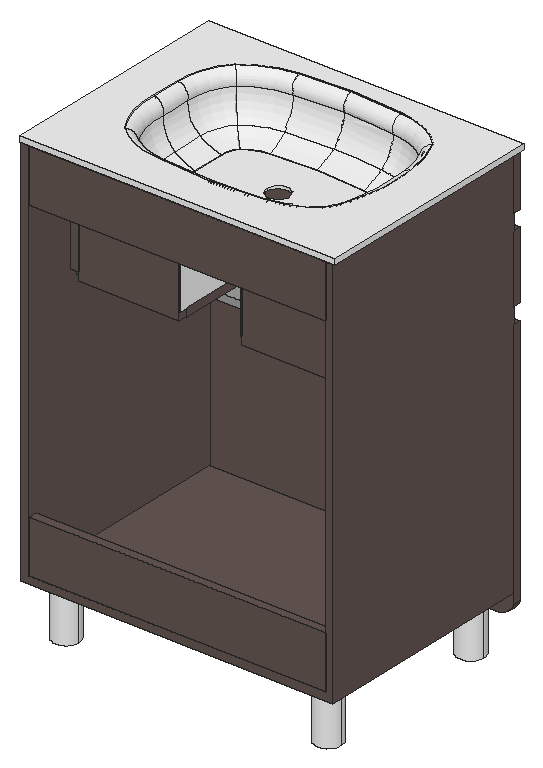
Revit family "604406091_Mueble Aluvia Habano 60x45", category Generic Models, host Wall, Revit 2019
Family settings
  Host = Wall
  Can host rebar = No
  Round Connector Dimension = Use Diameter
  Part Type = Normal
  OmniClass Number = 23.31.13.11
  OmniClass Title = Single Sinks
  Always vertical = Yes
  Cut with Voids When Loaded = No
  Shared = No
  Room Calculation Point = No
Parameters (values of type "Ref. 604406091 Mueble Aluvia Habano Con Lavamanos.")
  URL = "https://corona.co/productos/muebles-para-banos/mueble-aluvia-a-piso/p/604406091"
  Tiempo de Armado = "80 Minutos."  # constant formula
  Textura = "Habano: Poro - Gris: Soft."  # constant formula
  Resistencia al rayado = "700 ciclos."  # constant formula
  Resistencia a la humedad = "8%."  # constant formula
  Profundidad = 445 mm
  Peso Neto aprox = "46,7 lb (21,2 kg)."  # constant formula
  Peso Bruto aprox = "49,4 lb (22,4 kg)."  # constant formula
  Material patas = Corona_Acero
  Material Piezas interiores = Corona_Madera_Aglomerada_Plomo
  Material Pieza en U = Corona_Acero
  Material = Corona_Madera_Aglomerada_Habano
  Manufacturer = "Corona"  # constant formula
  Garantía Madera = "1 año"  # constant formula
  Garantía Herrajes = "1 año"  # constant formula
  Fecha de creación = "21/07/2020"  # constant formula
  Dimensiones Generales (H* W * P) = "33,46” x 23,43” x 17,52” (850 x 595 x 445 mm)."  # constant formula
  Description = "La línea ALUVIA viene a entregar de manera asequible una solución perfecta que combina\r\ndiseño y funcionalidad, ALUVIA se inspira en el movimiento y caída del agua en la\r\nnaturaleza, es por ello de sus formas orgánicas donde podemos obtener un producto\r\ncompacto y de líneas fluidas, que se adapta en espacios pequeños.\r\n· Mueble compacto para espacios pequeños.\r\n· Lavamanos 100% en porcelana.\r\n· Grán capacidad de almacenamiento.\r\n· Resistentes a la Humedad."  # constant formula
  Densidad = "15mm 670 kg./m^3."  # constant formula
  Creado por = "IDD"  # constant formula
  Carga Máxima = "110,2 lb (50 kg)."  # constant formula
  Canto = "PVC rígido 2 mm de calibre.\r\nPVC Flexible 0,5 mm de calibre."  # constant formula
  Ancho = 595 mm
  Alto = 850 mm
Types (2, lengths in mm): name | Material patas | Material Piezas interiores | Material Pieza en U | Material
  Type 1 | none | none | none | none
  Ref. 604406091 Mueble Aluvia Habano Con Lavamanos. | Corona_Acero | Corona_Madera_Aglomerada_Plomo | Corona_Acero | Corona_Madera_Aglomerada_Habano
Reference planes
  plane 1 "Wall": y = 0
  plane 2 "Center (Left/Right)": x = 125
  plane 3 "Back": y = 75
  plane 4: y = 520
  plane 5: x = -172.5
  plane 6: x = 422.5
  plane 7: z = 850
  plane 8: z = 749
  plane 9: z = 719
  plane 10: z = 589
  plane 11: z = 559
  plane 12: z = 59
  plane 13: y = 505
  plane 14: z = 100
  plane 15: x = 407.5
  plane 16: x = -157.5
  plane 17: z = 115
  plane 18: y = 495
  plane 19: z = 320
  plane 20: z = 335
  plane 21: z = 475
  plane 22: z = 490
  plane 23: z = 594
  plane 24: y = 170
  plane 25: y = 155
  plane 26: x = 392.5
  plane 27: x = -142.5
  plane 28: x = -127.5
  plane 29: x = 377.5
  plane 30: z = 609
  plane 31: z = 695
  plane 32: x = 185
  plane 33: x = 65
  plane 34: z = 98
  plane 35: z = 933.8
Forms (mm)
  Extrusion 1, solid, material "Corona_Madera_Aglomerada_Habano" <- "Material"
    sketch origin (125, 0, 0) x (0, 1, 0) y (0, 0, 1)
      loop
        line (505, 850) -> (505, 749) -> (520, 749) -> (520, 850) -> (505, 850)
      loop
        line (505, 589) -> (520, 589) -> (520, 719) -> (505, 719) -> (505, 589)
    from -297.5 to 297.5
  Extrusion 2, solid, material "Corona_Madera_Aglomerada_Habano" <- "Material"
    sketch origin (0, 0, 0) x (1, 0, 0) y (0, 0, 1)
      loop
        line (422.5, 100) -> (422.5, 850) -> (-172.5, 850) -> (-172.5, 100) -> (422.5, 100)
    from -505 to -75
  Extrusion 3, void
    sketch origin (0, 0, 0) x (1, 0, 0) y (0, 0, 1)
      loop
        line (407.5, 850) -> (-157.5, 850) -> (-157.5, 115) -> (407.5, 115) -> (407.5, 850)
    from -505 to -75
  Extrusion 4, solid, material "Corona_Madera_Aglomerada_Habano" <- "Material"
    sketch origin (125, 0, 0) x (0, 1, 0) y (0, 0, 1)
      loop
        line (90, 850) -> (75, 850) -> (75, 749) -> (90, 749) -> (90, 850)
    from -282.5 to 282.5
  Extrusion 5, solid, material "Corona_Madera_Aglomerada_Habano" <- "Material"
    sketch origin (125, 0, -660) x (0, 1, 0) y (0, 0, 1)
      loop
        line (90, 876) -> (75, 876) -> (75, 775) -> (90, 775) -> (90, 876)
    from -282.5 to 282.5
  Extrusion 6, solid, material "Corona_Madera_Aglomerada_Plomo" <- "Material Piezas interiores"
    sketch origin (125, 0, 0) x (0, 1, 0) y (0, 0, 1)
      loop
        line (505, 475) -> (505, 490) -> (404, 490) -> (404, 475) -> (505, 475)
    from -282.5 to 282.5
  Extrusion 7, solid, material "Corona_Madera_Aglomerada_Plomo" <- "Material Piezas interiores"
    sketch origin (125, 5, 962.8) x (0, 0, -1) y (0, 1, 0)
      loop
        line (472.8, 475) -> (472.8, 490) -> (373.8, 490) -> (373.8, 475) -> (472.8, 475)
    from -282.5 to 282.5
  Extrusion 8, solid, material "Corona_Madera_Aglomerada_Habano" <- "Material"
    sketch origin (125, 0, 0) x (0, 1, 0) y (0, 0, 1)
      loop
        line (505, 594) -> (505, 609) -> (170, 609) -> (170, 594) -> (505, 594)
    from -267.5 to 267.5
  Extrusion 9, solid, material "Corona_Madera_Aglomerada_Habano" <- "Material"
    sketch origin (125, 0, 0) x (0, 1, 0) y (0, 0, 1)
      loop
        line (170, 594) -> (170, 695) -> (155, 695) -> (155, 594) -> (170, 594)
    from 60 to 252.5
  Extrusion 10, solid, material "Corona_Madera_Aglomerada_Habano" <- "Material"
    sketch origin (125, 0, 0) x (0, 1, 0) y (0, 0, 1)
      loop
        line (155, 609) -> (505, 609) -> (505, 695) -> (155, 695) -> (155, 609)
    from 252.5 to 267.5
  Extrusion 11, solid, material "Corona_Madera_Aglomerada_Habano" <- "Material"
    sketch origin (-142.5, 0, 0) x (0, 1, 0) y (0, 0, 1)
      loop
        line (155, 609) -> (505, 609) -> (505, 695) -> (155, 695) -> (155, 609)
    from 0 to 15
  Extrusion 12, solid, material "Corona_Madera_Aglomerada_Habano" <- "Material"
    sketch origin (0, 0, 0) x (1, 0, 0) y (0, 0, 1)
      loop
        line (125, 559) -> (125, 59) -> (395.244, 59)
        arc (395.244, 59) -> (412.182, 65.204) -> (422.5, 80) r 30
        line (422.5, 80) -> (422.5, 559) -> (125, 559)
    from -520 to -505
  Extrusion 13, solid, material "Corona_Madera_Aglomerada_Habano" <- "Material"
    sketch origin (250, 0, 0) x (-1, 0, 0) y (0, 0, -1)
      loop
        line (125, -559) -> (422.5, -559) -> (422.5, -80)
        arc (422.5, -80) -> (412.182, -65.204) -> (395.244, -59) r 30
        line (395.244, -59) -> (125, -59) -> (125, -559)
    from -520 to -505
  Extrusion 14, solid, material "Corona_Acero" <- "Material patas"
    sketch origin (0, 0, 0) x (1, 0, 0) y (0, 1, 0)
      loop
        line (342.5, 90) -> (407.5, 90) -> (407.5, 155) -> (342.5, 155) -> (342.5, 90)
      loop
        line (-92.5, 90) -> (-92.5, 155) -> (-157.5, 155) -> (-157.5, 90) -> (-92.5, 90)
      loop
        line (342.5, 430) -> (407.5, 430) -> (407.5, 495) -> (342.5, 495) -> (342.5, 430)
      loop
        line (-92.5, 430) -> (-92.5, 495) -> (-157.5, 495) -> (-157.5, 430) -> (-92.5, 430)
    from 98 to 100
  Extrusion 15, solid, material "Corona_Acero" <- "Material patas"
    sketch origin (0, 0, 0) x (1, 0, 0) y (0, 1, 0)
      loop
        circle (-125, 462.5) r 25
      loop
        circle (375, 462.5) r 25
      loop
        circle (-125, 122.5) r 25
      loop
        circle (375, 122.5) r 25
    from 0 to 98
  Extrusion 16, solid, material "Corona_Madera_Aglomerada_Plomo" <- "Material Piezas interiores"
    sketch origin (125, 5, 1167.8) x (0, 0, -1) y (0, 1, 0)
      loop
        line (472.8, 475) -> (472.8, 490) -> (373.8, 490) -> (373.8, 475) -> (472.8, 475)
    from -282.5 to 282.5
  Extrusion 17, solid, material "Corona_Madera_Aglomerada_Habano" <- "Material"
    sketch origin (-55, 0, 0) x (0, 1, 0) y (0, 0, 1)
      loop
        line (170, 594) -> (170, 695) -> (155, 695) -> (155, 594) -> (170, 594)
    from -72.5 to 120
  Extrusion 18, solid, material "Corona_Acero" <- "Material Pieza en U"
    sketch origin (0, 0, 0) x (1, 0, 0) y (0, 1, 0)
      loop
        line (65, 354) -> (65, 155) -> (67, 155) -> (67, 354)
        arc (67, 354) -> (125, 412) -> (183, 354) r 58
        line (183, 354) -> (183, 155) -> (185, 155) -> (185, 354)
        arc (185, 354) -> (125, 414) -> (65, 354) r 60
    from 609 to 695
  Extrusion 19, void
    sketch origin (0, 0, 0) x (1, 0, 0) y (0, 1, 0)
      loop
        line (67, 354) -> (67, 155) -> (183, 155) -> (183, 354)
        arc (183, 354) -> (125, 412) -> (67, 354) r 58
    from 594 to 695
  Extrusion 20, solid, material "Corona_Madera_Aglomerada_Habano" <- "Material", detail levels coarse
    sketch origin (0, 0, 0) x (1, 0, 0) y (0, 0, 1)
      loop
        line (-172.5, 850) -> (-172.5, 0) -> (422.5, 0) -> (422.5, 850) -> (-172.5, 850)
    from -520 to -75
Cuts and joins
  Extrusion 3, Extrusion 19 cuts Extrusion 2
  Extrusion 19 cuts Extrusion 8
Text (mm)
  text "Placement Side" at (-1848.837, 1116.779, 0), in view "Ref. Level"
  text "Placement side" at (0, 1409.804, 2854.306), in view "Left"
  text "Placement side" at (0, 499.811, 2980.732), in view "Right"
Dimensions and locks
  locked: plane 3 "Back" to host wall
  equal spacing: plane 5, plane 2 "Center (Left/Right)", plane 6
  "Ancho": plane 5 to plane 6
  "Profundidad": plane 3 "Back" to plane 4
  "Alto": level to plane 7
  plane 8 to plane 7 = 101 mm
  plane 7 to level = 850 mm
  plane 7 to plane 8 = 101 mm
  plane 9 to plane 10 = 130 mm
  plane 11 to plane 12 = 500 mm
  plane 4 to host wall = 445 mm
  plane 4 to plane 13 = 15 mm
  plane 17 to level = 115 mm
  plane 19 to plane 17 = 205 mm
  plane 21 to plane 17 = 360 mm
  plane 13 to plane 24 = 335 mm
  plane 13 to plane 25 = 350 mm
  plane 31 to plane 30 = 86 mm
  plane 6 to plane 5 = 595 mm
  aligned and locked: plane 1 "Wall" to host wall
  aligned and locked: plane 8 to Extrusion 1 sketch curve
  aligned and locked: Extrusion 1 sketch curve to plane 4
  aligned and locked: Extrusion 1 sketch curve to plane 10
  aligned and locked: Extrusion 1 sketch curve to plane 13
  aligned and locked: plane 9 to Extrusion 1 sketch curve
  aligned and locked: plane 4 to Extrusion 1 sketch curve
  aligned and locked: plane 14 to Extrusion 2 sketch curve
  aligned and locked: Extrusion 2 sketch curve to plane 7
  aligned and locked: Extrusion 2 sketch curve to Extrusion 1
  aligned and locked: plane 6 to Extrusion 2 sketch curve
  aligned and locked: Extrusion 3 sketch curve to Extrusion 1
  aligned and locked: plane 17 to Extrusion 3 sketch curve
  aligned and locked: plane 16 to Extrusion 3 sketch curve
  aligned and locked: Extrusion 3 sketch curve to plane 15
  aligned and locked: plane 13 to Extrusion 2
  aligned and locked: Extrusion 2 to host wall
  aligned and locked: plane 13 to Extrusion 3
  aligned and locked: Extrusion 3 to host wall
  aligned and locked: Extrusion 4 sketch curve to plane 8
  aligned and locked: plane 7 to Extrusion 4 sketch curve
  aligned and locked: Extrusion 4 sketch curve to host wall
  aligned and locked: Extrusion 4 to plane 16
  aligned and locked: plane 15 to Extrusion 4
  aligned and locked: Extrusion 5 to host wall
  aligned and locked: Extrusion 5 to plane 17
  aligned and locked: Extrusion 5 to plane 16
  aligned and locked: plane 15 to Extrusion 5
  aligned and locked: Extrusion 6 sketch curve to plane 22
  aligned and locked: plane 21 to Extrusion 6 sketch curve
  aligned and locked: Extrusion 6 sketch curve to plane 13
  aligned and locked: Extrusion 6 to plane 16
  aligned and locked: plane 15 to Extrusion 6
  aligned and locked: plane 18 to Extrusion 7
  aligned and locked: Extrusion 7 to plane 22
  aligned and locked: plane 10 to Extrusion 7
  aligned and locked: plane 23 to Extrusion 8 sketch curve
  aligned and locked: Extrusion 8 sketch curve to plane 13
  aligned and locked: Extrusion 8 to plane 24
  aligned and locked: plane 25 to Extrusion 9 sketch curve
  aligned and locked: Extrusion 9 sketch curve to plane 24
  aligned and locked: plane 23 to Extrusion 9 sketch curve
  aligned and locked: plane 29 to Extrusion 9
  aligned and locked: Extrusion 10 sketch curve to Extrusion 9
  aligned and locked: plane 30 to Extrusion 8
  aligned and locked: plane 31 to Extrusion 10
  aligned and locked: Extrusion 10 to Extrusion 9
  aligned and locked: Extrusion 10 to Extrusion 8
  aligned and locked: Extrusion 8 to Extrusion 11
  aligned and locked: Extrusion 11 to Extrusion 9
  aligned and locked: Extrusion 11 to Extrusion 8
  aligned and locked: Extrusion 11 to plane 25
  aligned and locked: plane 13 to Extrusion 11
  aligned and locked: Extrusion 11 to Extrusion 10
  aligned and locked: Extrusion 10 to plane 25
  aligned and locked: Extrusion 12 sketch curve to plane 11
  aligned and locked: plane 2 "Center (Left/Right)" to Extrusion 12 sketch curve
  aligned and locked: Extrusion 12 sketch curve to plane 6
  aligned and locked: Extrusion 12 sketch curve to plane 12
  aligned and locked: Extrusion 13 sketch curve to plane 12
  aligned and locked: Extrusion 13 sketch curve to plane 2 "Center (Left/Right)"
  aligned and locked: Extrusion 13 sketch curve to plane 11
  aligned and locked: plane 5 to Extrusion 13 sketch curve
  aligned and locked: plane 4 to Extrusion 13
  aligned and locked: Extrusion 13 to plane 13
  aligned and locked: plane 4 to Extrusion 12
  aligned and locked: Extrusion 12 to plane 13
  aligned and locked: plane 25 to Extrusion 14 sketch curve
  aligned and locked: Extrusion 14 sketch curve to Extrusion 4
  aligned and locked: plane 16 to Extrusion 14 sketch curve
  aligned and locked: Extrusion 14 sketch curve to plane 25
  aligned and locked: Extrusion 14 sketch curve to Extrusion 14 sketch curve  (x2)
  aligned and locked: Extrusion 14 sketch curve to plane 18
  aligned and locked: plane 18 to Extrusion 14 sketch curve
  aligned and locked: plane 15 to Extrusion 14 sketch curve
  aligned and locked: plane 14 to Extrusion 14
  aligned and locked: Extrusion 14 to plane 34
  aligned and locked: Extrusion 15 to Extrusion 14
  aligned and locked: Extrusion 15 to level
  aligned and locked: plane 18 to Extrusion 16
  aligned and locked: Extrusion 16 to Extrusion 10
  aligned and locked: Extrusion 9 to plane 32
  aligned and locked: plane 33 to Extrusion 17
  aligned and locked: Extrusion 17 to plane 28
  aligned and locked: Extrusion 18 to Extrusion 8
  aligned and locked: Extrusion 18 to Extrusion 19 sketch curve
  aligned and locked: Extrusion 19 to Extrusion 9
  aligned and locked: Extrusion 19 to plane 23
  aligned and locked: Extrusion 18 to Extrusion 9
  aligned and locked: Extrusion 20 sketch curve to Extrusion 1
  aligned and locked: Extrusion 20 sketch curve to cut or joined group of Extrusion 2, Extrusion 3, Extrusion 19
  aligned and locked: level to Extrusion 20 sketch curve
  aligned and locked: Extrusion 20 sketch curve to plane 6
  aligned and locked: plane 4 to Extrusion 20
  aligned and locked: Extrusion 20 to host wall
Automatic sketch dimensions
  Extrusion 1 sketch curve to plane 7 = 0 mm
  Extrusion 1 sketch curve to plane 13 = 0 mm
  Extrusion 4 sketch curve to Extrusion 4 sketch curve = 15 mm
  Extrusion 5 sketch curve to host wall = 0 mm
  Extrusion 5 sketch curve to plane 17 = 0 mm
  host wall to Extrusion 5 sketch curve = 15 mm
  Extrusion 5 sketch curve to Extrusion 5 sketch curve = 101 mm
  Extrusion 6 sketch curve to plane 18 = 91 mm
  Extrusion 7 sketch curve to plane 10 = 0 mm
  Extrusion 7 sketch curve to plane 18 = 0 mm
  Extrusion 7 sketch curve to plane 22 = 0 mm
  Extrusion 7 sketch curve to plane 18 = 15 mm
  Extrusion 8 sketch curve to plane 24 = 0 mm
  Extrusion 8 sketch curve to plane 30 = 0 mm
  Extrusion 9 sketch curve to plane 31 = 0 mm
  Extrusion 10 sketch curve to plane 25 = 0 mm
  Extrusion 10 sketch curve to plane 13 = 0 mm
  Extrusion 10 sketch curve to plane 30 = 0 mm
  Extrusion 11 sketch curve to plane 25 = 0 mm
  Extrusion 11 sketch curve to plane 13 = 0 mm
  Extrusion 11 sketch curve to plane 30 = 0 mm
  Extrusion 11 sketch curve to plane 31 = 0 mm
  plane 26 to Extrusion 12 sketch curve = 1.372 mm
  plane 26 to Extrusion 12 sketch curve = 2.744 mm
  plane 12 to Extrusion 12 sketch curve = 21 mm
  plane 27 to Extrusion 13 sketch curve = 1.372 mm
  plane 27 to Extrusion 13 sketch curve = 2.744 mm
  Extrusion 13 sketch curve to plane 12 = 21 mm
  Extrusion 14 sketch curve to plane 16 = 0 mm
  Extrusion 14 sketch curve to plane 15 = 0 mm
  plane 28 to Extrusion 14 sketch curve = 35 mm  (x2)
  Extrusion 14 sketch curve to plane 29 = 35 mm  (x2)
  Extrusion 14 sketch curve to plane 18 = 65 mm
  plane 28 to Extrusion 15 sketch curve = 2.5 mm  (x2)
  Extrusion 15 sketch curve to plane 29 = 2.5 mm  (x2)
  Extrusion 15 sketch curve to plane 25 = 32.5 mm  (x2)
  Extrusion 15 sketch curve to plane 18 = 32.5 mm  (x2)
  Extrusion 16 sketch curve to plane 18 = 0 mm
  Extrusion 16 sketch curve to plane 31 = 0 mm
  plane 8 to Extrusion 16 sketch curve = 45 mm
  Extrusion 16 sketch curve to plane 18 = 15 mm
  Extrusion 17 sketch curve to plane 23 = 0 mm
  Extrusion 17 sketch curve to plane 25 = 0 mm
  Extrusion 17 sketch curve to plane 24 = 0 mm
  Extrusion 17 sketch curve to plane 31 = 0 mm
  Extrusion 18 sketch curve to Extrusion 18 sketch curve = 0 mm  (x2)
  Extrusion 18 sketch curve to plane 33 = 0 mm
  Extrusion 18 sketch curve to plane 25 = 0 mm  (x2)
  Extrusion 18 sketch curve to plane 2 "Center (Left/Right)" = 0 mm
  Extrusion 18 sketch curve to Extrusion 18 sketch curve = 2 mm
  Extrusion 18 sketch curve to plane 18 = 141 mm
  Extrusion 19 sketch curve to plane 2 "Center (Left/Right)" = 0 mm
  plane 33 to Extrusion 19 sketch curve = 2 mm
  Extrusion 19 sketch curve to plane 18 = 141 mm
  radius of Extrusion 15 sketch curve = 25 mm  (x4)
Nested families
  nested 1: "Family3" at (125, 520, 0) x (-1, 0, 0) z (0, 0, 1), type "Family3"
  nested 2: "Family4" at (125, 0, 0) x (1, 0, 0) z (0, -1, 0), type "Family4"
  nested 3: "Family5" at (125, 75, 0) x (0, -1, 0) z (1, 0, 0), type "Family5"
  nested 4: "Family6" at (125.426, 525, 860) x (-1, 0, 0) z (0, 0, 1), type "Family6", detail levels medium+fine
Definition of nested family "Family6"
  Parameters (values of type "Family6")
    Material = none
    Manufacturer = "Corona"  # constant formula
    Fecha de creación = "21/07/2020"  # constant formula
    Creado por = "IDD"  # constant formula
    Alto = 124 mm
  Reference planes
    plane 1 "Center (Front/Back)": y = 0
    plane 2: z = 0
    plane 3 "Center (Left/Right)": x = 0
    plane 4: z = -124
    plane 5: x = -300
    plane 6: x = 300
    plane 7 "Center L/S": y = 450
  Forms (mm)
    Sweep 1, solid, material <- "Material"
      path origin (0, 0, 0) x (1, 0, 0) y (0, 1, 0)
        loop
          arc (-100.824, 374.741) -> (-137.716, 367.149) -> (-172.547, 352.814) r 201.216
          arc (-172.547, 352.814) -> (-194.245, 329.514) -> (-207.72, 300.667) r 102.196
          arc (-207.72, 300.667) -> (-220.123, 233.995) -> (-219.486, 166.181) r 351.33
          arc (-219.486, 166.181) -> (-210.946, 124.35) -> (-194.634, 84.895) r 224.286
          arc (-194.634, 84.895) -> (-151.333, 53.53) -> (-99.472, 40.52) r 141.159
          arc (-99.472, 40.52) -> (-49.817, 36.305) -> (0, 35.018) r 846.884
          arc (0, 35.018) -> (47.71, 36.535) -> (95.26, 40.738) r 846.884
          arc (95.26, 40.738) -> (144.14, 53.228) -> (187.978, 78.199) r 189.075
          arc (187.978, 78.199) -> (213.947, 121.956) -> (222.18, 172.168) r 137.177
          arc (222.18, 172.168) -> (221.915, 200.672) -> (222.488, 229.171) r 968.579
          arc (222.488, 229.171) -> (216.892, 283.034) -> (194.807, 332.48) r 171.794
          arc (194.807, 332.48) -> (152.978, 361.088) -> (104.176, 374.741) r 155.624
          arc (104.176, 374.741) -> (1.676, 380.346) -> (-100.824, 374.741) r 940.142
      profile origin (1.676, 380.346, 0) x (0, 1, 0) y (0, 0, 1)
        loop
          line (0, -5) -> (0, -0.962)
          arc (0, -0.962) -> (-15.38, -10.48) -> (-18.203, -28.345) r 21.695
          arc (-18.203, -28.345) -> (-24.212, -57.146) -> (-41.685, -80.817) r 68.918
          arc (-41.685, -80.817) -> (-61.172, -91.456) -> (-82.071, -98.946) r 142.834
          line (-82.071, -98.946) -> (-82.071, -103.088)
          arc (-82.071, -103.088) -> (-59.902, -95.27) -> (-39.265, -84.014) r 146.834
          arc (-39.265, -84.014) -> (-20.504, -58.653) -> (-14.21, -27.741) r 72.918
          arc (-14.21, -27.741) -> (-12.319, -13.113) -> (0, -5) r 17.695
    Extrusion 2, solid, material <- "Material"
      sketch origin (0, 0, 0) x (1, 0, 0) y (0, 1, 0)
        loop
          line (-300, 450) -> (-300, 0) -> (300, 0) -> (300, 450) -> (-300, 450)
        loop
          arc (-100.824, 374.741) -> (-137.716, 367.149) -> (-172.547, 352.814) r 201.216
          arc (-172.547, 352.814) -> (-194.245, 329.514) -> (-207.72, 300.667) r 102.196
          arc (-207.72, 300.667) -> (-220.123, 233.995) -> (-219.486, 166.181) r 351.33
          arc (-219.486, 166.181) -> (-210.946, 124.35) -> (-194.634, 84.895) r 224.286
          arc (-194.634, 84.895) -> (-151.333, 53.53) -> (-99.472, 40.52) r 141.159
          arc (-99.472, 40.52) -> (-49.817, 36.305) -> (0, 35.018) r 846.884
          arc (0, 35.018) -> (47.71, 36.535) -> (95.26, 40.738) r 846.884
          arc (95.26, 40.738) -> (144.14, 53.228) -> (187.978, 78.199) r 189.075
          arc (187.978, 78.199) -> (213.947, 121.956) -> (222.18, 172.168) r 137.177
          arc (222.18, 172.168) -> (221.915, 200.672) -> (222.488, 229.171) r 968.579
          arc (222.488, 229.171) -> (216.892, 283.034) -> (194.807, 332.48) r 171.794
          arc (194.807, 332.48) -> (152.978, 361.088) -> (104.176, 374.741) r 155.624
          arc (104.176, 374.741) -> (1.676, 380.346) -> (-100.824, 374.741) r 940.142
      from -10 to 0
    Extrusion 3, solid, material <- "Material"
      sketch origin (0, 0, 0) x (1, 0, 0) y (0, 1, 0)
        loop
          arc (-91.876, 293.16) -> (-109.142, 289.964) -> (-125.751, 284.266) r 119.145
          arc (-125.751, 284.266) -> (-127.584, 281.24) -> (-128.859, 277.94) r 20.125
          arc (-128.859, 277.94) -> (-138.365, 226.842) -> (-137.876, 174.869) r 269.259
          arc (-137.876, 174.869) -> (-134.125, 154.238) -> (-127.381, 134.383) r 142.215
          arc (-127.381, 134.383) -> (-111.13, 125.67) -> (-92.984, 122.39) r 59.088
          arc (-92.984, 122.39) -> (-46.72, 118.332) -> (-0.295, 117.089) r 764.813
          arc (-0.295, 117.089) -> (42.792, 118.459) -> (85.733, 122.254) r 764.813
          arc (85.733, 122.254) -> (109.251, 127.747) -> (130.939, 138.375) r 107.004
          arc (130.939, 138.375) -> (137.984, 153.579) -> (140.133, 170.197) r 55.106
          arc (140.133, 170.197) -> (139.848, 201.598) -> (140.501, 232.993) r 1050.65
          arc (140.501, 232.993) -> (138.82, 256.718) -> (130.965, 279.167) r 89.723
          arc (130.965, 279.167) -> (114.025, 288.535) -> (95.228, 293.16) r 73.553
          arc (95.228, 293.16) -> (1.676, 298.275) -> (-91.876, 293.16) r 858.071
        loop
          circle (1.676, 207.687) r 21.5
      from -103.088 to -98.946
  Dimensions and locks
    aligned and locked: level to plane 2
    aligned and locked: level to Extrusion 2
Definition of nested family "Family3"
  Reference planes
    plane 1 "Center (Front/Back)": y = 0
    plane 2: z = 0
    plane 3 "Center (Left/Right)": x = 0
  Lines and regions (mm)
    detail lines, in view "Ref. Level"
      curve 1: line (-297.5, 445, 0) -> (297.5, 445, 0)
      curve 2: line (297.5, 445, 0) -> (297.5, 0, 0)
      curve 3: line (297.5, 0, 0) -> (-297.5, 0, 0)
      curve 4: line (-297.5, 0, 0) -> (-297.5, 445, 0)
      curve 5: line (-282.5, 430, 0) -> (282.5, 430, 0)
      curve 6: line (297.5, 15, 0) -> (-297.5, 15, 0)
      curve 7: line (282.5, 445, 0) -> (282.5, 15, 0)
      curve 8: line (-282.5, 15, 0) -> (-282.5, 445, 0)
      curve 9: line (267.5, 365, 0) -> (267.5, 15, 0)
      curve 10: line (252.5, 350, 0) -> (252.5, 15, 0)
      curve 11: line (-267.5, 365, 0) -> (-267.5, 15, 0)
      curve 12: line (-252.5, 350, 0) -> (-252.5, 15, 0)
      curve 13: line (267.5, 365, 0) -> (-267.5, 365, 0)
      curve 14: line (267.5, 350, 0) -> (-267.5, 350, 0)
      curve 15: line (60, 163.319, 0) -> (60, 365, 0)
      curve 16: line (-60, 163.319, 0) -> (-60, 365, 0)
      curve 17: line (282.5, 25, 0) -> (-282.5, 25, 0)
      curve 18: line (282.5, 40, 0) -> (-282.5, 40, 0)
      curve 19: arc (-60, 166, 0) -> (0, 106, 0) -> (60, 166, 0) r 60
      curve 20: line (-217.5, 365, 0) -> (-282.5, 365, 0)
      curve 21: line (-217.5, 430, 0) -> (-217.5, 365, 0)
      curve 22: line (-282.5, 365, 0) -> (-282.5, 430, 0)
      curve 23: line (-282.5, 430, 0) -> (-217.5, 430, 0)
      curve 24: line (217.5, 430, 0) -> (217.5, 365, 0)
      curve 25: line (217.5, 365, 0) -> (282.5, 365, 0)
      curve 26: line (282.5, 430, 0) -> (282.5, 365, 0)
      curve 27: line (282.5, 430, 0) -> (217.5, 430, 0)
      curve 28: line (-217.5, 90, 0) -> (-282.5, 90, 0)
      curve 29: line (-217.5, 25, 0) -> (-217.5, 90, 0)
      curve 30: line (-282.5, 90, 0) -> (-282.5, 25, 0)
      curve 31: line (-282.5, 25, 0) -> (-217.5, 25, 0)
      curve 32: line (217.5, 25, 0) -> (217.5, 90, 0)
      curve 33: line (217.5, 90, 0) -> (282.5, 90, 0)
      curve 34: line (282.5, 25, 0) -> (282.5, 90, 0)
      curve 35: line (282.5, 25, 0) -> (217.5, 25, 0)
      curve 36: arc (-275, 397.5, 0) -> (-250, 372.5, 0) -> (-225, 397.5, 0) r 25
      curve 37: arc (-225, 397.5, 0) -> (-250, 422.5, 0) -> (-275, 397.5, 0) r 25
      curve 38: arc (225, 397.5, 0) -> (250, 372.5, 0) -> (275, 397.5, 0) r 25
      curve 39: arc (275, 397.5, 0) -> (250, 422.5, 0) -> (225, 397.5, 0) r 25
      curve 40: arc (-275, 57.5, 0) -> (-250, 82.5, 0) -> (-225, 57.5, 0) r 25
      curve 41: arc (-225, 57.5, 0) -> (-250, 32.5, 0) -> (-275, 57.5, 0) r 25
      curve 42: arc (225, 57.5, 0) -> (250, 82.5, 0) -> (275, 57.5, 0) r 25
      curve 43: arc (275, 57.5, 0) -> (250, 32.5, 0) -> (225, 57.5, 0) r 25
Definition of nested family "Family4"
  Reference planes
    plane 1 "Center (Front/Back)": y = 0
    plane 2: z = 0
    plane 3 "Center (Left/Right)": x = 0
  Lines and regions (mm)
    detail lines, in view "Ref. Level"
      curve 1: line (-297.5, 850, 0) -> (297.5, 850, 0)
      curve 2: line (-297.5, 850, 0) -> (-297.5, 59, 0)
      curve 3: line (297.5, 59, 0) -> (297.5, 850, 0)
      curve 4: line (-297.5, 59, 0) -> (297.5, 59, 0)
      curve 5: line (-297.5, 100, 0) -> (297.5, 100, 0)
      curve 6: line (-1.5, 559, 0) -> (-1.5, 59, 0)
      curve 7: line (-297.5, 559, 0) -> (297.5, 559, 0)
      curve 8: line (-297.5, 589, 0) -> (297.5, 589, 0)
      curve 9: line (-297.5, 719, 0) -> (297.5, 719, 0)
      curve 10: line (-297.5, 749, 0) -> (297.5, 749, 0)
      curve 11: line (-297.5, 115, 0) -> (297.5, 115, 0)
      curve 12: line (282.5, 115, 0) -> (282.5, 850, 0)
      curve 13: line (-282.5, 115, 0) -> (-282.5, 850, 0)
      curve 14: line (-282.5, 320, 0) -> (282.5, 320, 0)
      curve 15: line (-282.5, 335, 0) -> (282.5, 335, 0)
      curve 16: line (-282.5, 475, 0) -> (282.5, 475, 0)
      curve 17: line (-282.5, 490, 0) -> (282.5, 490, 0)
      curve 18: line (-275.6, 100, 0) -> (-275.6, 0, 0)
      curve 19: line (-225.6, 100, 0) -> (-225.6, 0, 0)
      curve 20: line (-275.6, 0, 0) -> (-225.6, 0, 0)
      curve 21: line (275.6, 100, 0) -> (275.6, 0, 0)
      curve 22: line (225.6, 100, 0) -> (225.6, 0, 0)
      curve 23: line (275.6, 0, 0) -> (225.6, 0, 0)
      curve 24: line (-282.5, 216, 0) -> (282.5, 216, 0)
      curve 25: line (-267.5, 594, 0) -> (267.5, 594, 0)
      curve 26: line (-267.5, 609, 0) -> (267.5, 609, 0)
      curve 27: line (-267.5, 594, 0) -> (-267.5, 609, 0)
      curve 28: line (-267.5, 609, 0) -> (-267.5, 695, 0)
      curve 29: line (-267.5, 695, 0) -> (267.5, 695, 0)
      curve 30: line (267.5, 695, 0) -> (267.5, 594, 0)
      curve 31: line (-252.5, 609, 0) -> (-252.5, 695, 0)
      curve 32: line (252.5, 609, 0) -> (252.5, 695, 0)
      curve 33: line (56.5, 695, 0) -> (56.5, 609, 0)
      curve 34: line (58.5, 695, 0) -> (58.5, 609, 0)
      curve 35: line (-56.5, 695, 0) -> (-56.5, 609, 0)
      curve 36: line (-58.5, 695, 0) -> (-58.5, 609, 0)
      curve 37: line (-282.5, 794, 0) -> (282.5, 794, 0)
Definition of nested family "Family5"
  Reference planes
    plane 1 "Center (Front/Back)": y = 0
    plane 2: z = 0
    plane 3 "Center (Left/Right)": x = 0
  Lines and regions (mm)
    detail lines, in view "Ref. Level"
      curve 1: line (-445, 59, 0) -> (-445, 850, 0)
      curve 2: line (-445, 850, 0) -> (0, 850, 0)
      curve 3: line (0, 850, 0) -> (0, 100, 0)
      curve 4: line (0, 100, 0) -> (-445, 100, 0)
      curve 5: line (-430, 59, 0) -> (-445, 59, 0)
      curve 6: line (-430, 59, 0) -> (-430, 850, 0)
      curve 7: line (0, 115, 0) -> (-430, 115, 0)
      curve 8: line (-22.5, 100, 0) -> (-22.5, 0, 0)
      curve 9: line (-72.5, 100, 0) -> (-72.5, 0, 0)
      curve 10: line (-72.5, 0, 0) -> (-22.5, 0, 0)
      curve 11: line (-362.5, 100, 0) -> (-362.5, 0, 0)
      curve 12: line (-412.5, 100, 0) -> (-412.5, 0, 0)
      curve 13: line (-412.5, 0, 0) -> (-362.5, 0, 0)
      curve 14: line (-15, 115, 0) -> (-15, 216, 0)
      curve 15: line (-15, 216, 0) -> (0, 216, 0)
      curve 16: line (-15, 749, 0) -> (-15, 850, 0)
      curve 17: line (-15, 749, 0) -> (0, 749, 0)
      curve 18: line (0, 320, 0) -> (-430, 320, 0)
      curve 19: line (0, 335, 0) -> (-430, 335, 0)
      curve 20: line (-329, 475, 0) -> (-430, 475, 0)
      curve 21: line (-329, 490, 0) -> (-430, 490, 0)
      curve 22: line (-80, 594, 0) -> (-430, 594, 0)
      curve 23: line (-95, 609, 0) -> (-430, 609, 0)
      curve 24: line (-80, 695, 0) -> (-430, 695, 0)
      curve 25: line (-329, 490, 0) -> (-329, 475, 0)
      curve 26: line (-420, 490, 0) -> (-420, 589, 0)
      curve 27: line (-405, 490, 0) -> (-405, 589, 0)
      curve 28: line (-405, 589, 0) -> (-420, 589, 0)
      curve 29: line (-95, 594, 0) -> (-95, 695, 0)
      curve 30: line (-80, 594, 0) -> (-80, 695, 0)
      curve 31: line (-420, 695, 0) -> (-420, 794, 0)
      curve 32: line (-405, 695, 0) -> (-405, 794, 0)
      curve 33: line (-405, 794, 0) -> (-420, 794, 0)
